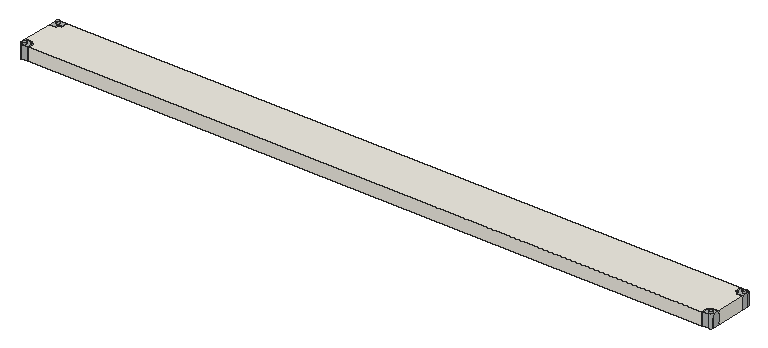
Revit family "HIGHTECH", category Осветительные приборы, Revit 2019 (continued)
Types (32, lengths in mm): name | Файл фотометрической сетки | built-in parameter 1150105 | Lumens | built-in parameter 1150106 | built-in parameter 1150142 | Wattage | Emit from Rectangle Width | Emit from Rectangle Length | Длина | Ширина | ADSK_Ток | ADSK_Полная мощность | ADSK_Обозначение | ADSK_Номинальная мощность | ADSK_Наименование | ADSK_Масса | ADSK_Код изделия
     2747.869 2736.695 2720.030 2698.760 2673.175 2643.671 2608.970 2570.448 2527.808 2480.757 2430.863 2376.755 2319.509 2259.520 2196.099 2130.424 \r\n2062.102 1991.820 1918.695 1844.296 1768.034 1690.302 1611.100 1530.428 1448.383 1365.946 1278.313 1192.838 1108.440 1022.474 936.998 851.915 766.341 682.042 598.330 516.579 \r\n436.789 360.037 286.520 217.610 151.053 91.260 36.955 3.725 3.627 3.529 3.431 3.431 3.332 3.234 3.137 3.039 2.941 2.941 2.842 2.744 2.647 2.549 2.450 2.352 2.352 2.254 2.157 2.059 1.960 1.862 1.862 \r\n1.764 1.667 1.569 1.470 1.372 1.372 1.274 1.177 1.078 0.980 0.882 0.784 0.784 0.687 0.588 0.490 0.392 0.294 0.294 0.196 0.098 0.000 \r\n2755.907 2753.456 2747.770 2736.400 2719.737 2698.368 2672.685 2643.083 2608.285 2569.761 2527.122 2480.070 2430.079 2375.873 2318.627 2258.638 2195.119 2129.443 \r\n2061.122 1990.840 1917.715 1843.316 1767.054 1689.322 1610.120 1529.546 1447.501 1365.063 1277.431 1192.053 1107.656 1021.788 936.410 851.326 765.851 681.552 597.938 516.285 \r\n436.494 359.841 286.422 217.513 151.053 91.161 36.955 3.725 3.627 3.529 3.431 3.431 3.332 3.234 3.137 3.039 2.941 2.941 2.842 2.744 2.647 2.549 2.450 2.352 2.352 2.254 2.157 2.059 1.960 1.862 1.862 \r\n1.764 1.667 1.569 1.470 1.372 1.372 1.274 1.177 1.078 0.980 0.882 0.784 0.784 0.687 0.588 0.490 0.392 0.294 0.294 0.196 0.098 0.000 \r\n2755.907 2753.554 2747.869 2736.695 2720.030 2698.760 2673.175 2643.671 2608.970 2570.448 2527.808 2480.757 2430.863 2376.755 2319.509 2259.520 2196.099 2130.424 \r\n2062.102 1991.820 1918.695 1844.296 1768.034 1690.302 1611.100 1530.428 1448.383 1365.946 1278.313 1192.838 1108.440 1022.474 936.998 851.915 766.341 682.042 598.330 516.579 \r\n436.789 360.037 286.520 217.610 151.053 91.260 36.955 3.725 3.627 3.529 3.431 3.431 3.332 3.234 3.137 3.039 2.941 2.941 2.842 2.744 2.647 2.549 2.450 2.352 2.352 2.254 2.157 2.059 1.960 1.862 1.862 \r\n1.764 1.667 1.569 1.470 1.372 1.372 1.274 1.177 1.078 0.980 0.882 0.784 0.784 0.687 0.588 0.490 0.392 0.294 0.294 0.196 0.098 0.000 \r\n2755.907 2753.652 2747.967 2736.890 2720.324 2699.151 2673.763 2644.161 2609.657 2571.133 2528.494 2481.542 2431.648 2377.539 2320.392 2260.402 2197.079 2131.307 \r\n2063.083 1992.800 1919.675 1845.276 1769.014 1691.282 1612.081 1531.408 1449.363 1366.828 1279.294 1193.720 1109.126 1023.259 937.685 852.503 766.831 682.434 598.722 516.874 \r\n437.083 360.233 286.717 217.708 151.151 91.260 37.053 3.725 3.627 3.529 3.529 3.431 3.332 3.234 3.137 3.039 2.941 2.941 2.842 2.744 2.647 2.549 2.450 2.450 2.352 2.254 2.157 2.059 1.960 1.862 1.862 \r\n1.764 1.667 1.569 1.470 1.372 1.372 1.274 1.177 1.078 0.980 0.882 0.784 0.784 0.687 0.588 0.490 0.392 0.294 0.294 0.196 0.098 0.000 \r\n2755.907 2753.750 2748.162 2737.185 2720.619 2699.641 2674.254 2644.748 2610.245 2571.820 2529.180 2482.227 2432.432 2378.421 2321.274 2261.284 2198.060 2132.287 \r\n2064.063 1993.682 1920.754 1846.355 1769.995 1692.262 1612.963 1532.290 1450.245 1367.710 1280.176 1194.504 1109.910 1023.944 938.370 852.993 767.419 682.924 599.114 517.265 \r\n437.279 360.429 286.912 217.806 151.249 91.357 37.150 3.725 3.627 3.529 3.529 3.431 3.332 3.234 3.137 3.039 2.941 2.941 2.842 2.744 2.647 2.549 2.450 2.450 2.352 2.254 2.157 2.059 1.960 1.862 1.862 \r\n1.764 1.667 1.569 1.470 1.372 1.372 1.274 1.177 1.078 0.980 0.882 0.784 0.784 0.687 0.588 0.490 0.392 0.294 0.294 0.196 0.098 0.000 \r\n2755.907 2753.946 2748.260 2737.478 2720.912 2700.033 2674.744 2645.337 2610.931 2572.507 2529.769 2483.012 2433.216 2379.303 2322.156 2262.167 2199.040 2133.267 \r\n2064.945 1994.662 1921.734 1847.335 1770.975 1693.244 1613.943 1533.270 1451.127 1368.494 1281.058 1195.288 1110.695 1024.631 938.959 853.581 767.909 683.414 599.507 517.559 \r\n437.573 360.625 287.010 217.904 151.347 91.455 37.150 3.725 3.627 3.529 3.529 3.431 3.332 3.234 3.137 3.039 2.941 2.941 2.842 2.744 2.647 2.549 2.450 2.450 2.352 2.254 2.157 2.059 1.960 1.862 1.862 \r\n1.764 1.667 1.569 1.470 1.372 1.372 1.274 1.177 1.078 0.980 0.882 0.784 0.784 0.687 0.588 0.490 0.392 0.294 0.294 0.196 0.098 0.000 \r\n2755.907 2754.044 2748.359 2737.675 2721.304 2700.425 2675.332 2645.925 2611.617 2573.192 2530.454 2483.697 2434.000 2380.185 2322.940 2263.049 2200.021 2134.149 \r\n2065.925 1995.642 1922.714 1848.315 1772.053 1694.224 1614.923 1534.152 1452.107 1369.377 1282.038 1196.170 1111.380 1025.316 939.645 854.170 768.399 683.806 599.899 517.854 \r\n437.868 360.822 287.207 218.003 151.445 91.455 37.248 3.725 3.627 3.529 3.529 3.431 3.332 3.234 3.137 3.039 3.039 2.941 2.842 2.744 2.647 2.549 2.450 2.450 2.352 2.254 2.157 2.059 1.960 1.862 1.862 \r\n1.764 1.667 1.569 1.470 1.372 1.372 1.274 1.177 1.078 0.980 0.882 0.784 0.784 0.687 0.588 0.490 0.392 0.294 0.294 0.196 0.098 0.000 \r\n2755.907 2754.142 2748.457 2737.968 2721.599 2700.818 2675.822 2646.415 2612.304 2573.879 2531.141 2484.482 2434.785 2380.970 2323.823 2263.931 2201.001 2135.129 \r\n2066.905 1996.624 1923.694 1849.295 1773.033 1695.204 1615.903 1535.132 1452.990 1370.259 1282.921 1196.954 1112.165 1026.101 940.234 854.757 768.890 684.296 600.291 518.147 \r\n438.161 361.017 287.402 218.100 151.445 91.553 37.248 3.725 3.627 3.529 3.529 3.431 3.332 3.234 3.137 3.039 3.039 2.941 2.842 2.744 2.647 2.549 2.450 2.450 2.352 2.254 2.157 2.059 1.960 1.960 1.862 \r\n1.764 1.667 1.569 1.470 1.372 1.372 1.274 1.177 1.078 0.980 0.882 0.784 0.784 0.687 0.588 0.490 0.392 0.294 0.294 0.196 0.098 0.000 \r\n2755.907 2754.240 2748.652 2738.262 2721.892 2701.210 2676.410 2647.004 2612.989 2574.564 2531.826 2485.168 2435.569 2381.852 2324.705 2264.813 2201.981 2136.109 \r\n2067.885 1997.604 1924.674 1850.276 1774.014 1696.184 1616.883 1536.015 1453.872 1371.141 1283.901 1197.739 1112.949 1026.788 940.919 855.345 769.380 684.688 600.682 518.539 \r\n438.358 361.214 287.500 218.296 151.543 91.553 37.347 3.725 3.627 3.627 3.529 3.431 3.332 3.234 3.137 3.039 3.039 2.941 2.842 2.744 2.647 2.549 2.450 2.450 2.352 2.254 2.157 2.059 1.960 1.960 1.862 \r\n1.764 1.667 1.569 1.470 1.372 1.372 1.274 1.177 1.078 0.980 0.882 0.784 0.784 0.687 0.588 0.490 0.392 0.294 0.294 0.196 0.098 0.000 \r\n2755.907 2754.338 2748.751 2738.557 2722.187 2701.700 2676.901 2647.592 2613.676 2575.251 2532.513 2485.854 2436.352 2382.734 2325.587 2265.696 2202.961 2136.991 \r\n2068.866 1998.584 1925.753 1851.354 1774.994 1697.164 1617.864 1536.995 1454.852 1372.023 1284.783 1198.621 1113.635 1027.473 941.606 855.934 769.968 685.178 601.074 518.834 \r\n438.651 361.409 287.697 218.395 151.641 91.651 37.445 3.725 3.627 3.627 3.529 3.431 3.332 3.234 3.137 3.039 3.039 2.941 2.842 2.744 2.647 2.549 2.450 2.450 2.352 2.254 2.157 2.059 1.960 1.960 1.862 \r\n1.764 1.667 1.569 1.470 1.372 1.372 1.274 1.177 1.078 0.980 0.882 0.784 0.784 0.687 0.588 0.490 0.392 0.294 0.294 0.196 0.098 0.000 \r\n2755.907 2754.436 2748.849 2738.752 2722.481 2702.092 2677.391 2648.179 2614.264 2576.035 2533.199 2486.638 2437.137 2383.616 2326.469 2266.578 2203.941 2137.971 \r\n2069.846 1999.466 1926.733 1852.334 1775.974 1698.145 1618.746 1537.877 1455.734 1372.905 1285.665 1199.405 1114.419 1028.160 942.194 856.424 770.458 685.668 601.467 519.128 \r\n438.945 361.606 287.892 218.493 151.739 91.651 37.445 3.725 3.627 3.627 3.529 3.431 3.332 3.234 3.137 3.039 3.039 2.941 2.842 2.744 2.647 2.549 2.549 2.450 2.352 2.254 2.157 2.059 1.960 1.960 1.862 \r\n1.764 1.667 1.569 1.470 1.372 1.372 1.274 1.177 1.078 0.980 0.882 0.882 0.784 0.687 0.588 0.490 0.392 0.294 0.294 0.196 0.098 0.000 \r\n2755.907 2754.632 2748.947 2739.047 2722.774 2702.484 2677.979 2648.669 2614.950 2576.721 2533.885 2487.325 2437.921 2384.401 2327.352 2267.460 2204.922 2138.952 \r\n2070.729 2000.446 1927.713 1853.314 1776.954 1699.125 1619.726 1538.857 1456.616 1373.787 1286.645 1200.189 1115.204 1028.943 942.880 857.012 770.948 686.061 601.859 519.422 \r\n439.240 361.899 287.991 218.590 151.837 91.750 37.543 3.725 3.627 3.627 3.529 3.431 3.332 3.234 3.137 3.039 3.039 2.941 2.842 2.744 2.647 2.549 2.549 2.450 2.352 2.254 2.157 2.059 1.960 1.960 1.862 \r\n1.764 1.667 1.569 1.470 1.372 1.372 1.274 1.177 1.078 0.980 0.882 0.882 0.784 0.687 0.588 0.490 0.392 0.294 0.294 0.196 0.098 0.000 \r\n2755.907 2754.730 2749.045 2739.340 2723.069 2702.877 2678.469 2649.258 2615.636 2577.407 2534.571 2488.108 2438.706 2385.283 2328.234 2268.342 2205.902 2139.835 \r\n2071.709 2001.426 1928.693 1854.295 1777.934 1700.105 1620.706 1539.739 1457.596 1374.571 1287.527 1201.071 1115.889 1029.630 943.468 857.600 771.438 686.551 602.251 519.814 \r\n439.435 362.096 288.187 218.688 151.837 91.750 37.640 3.725 3.627 3.627 3.529 3.431 3.332 3.234 3.137 3.137 3.039 2.941 2.842 2.744 2.647 2.549 2.549 2.450 2.352 2.254 2.157 2.059 1.960 1.960 1.862 \r\n1.764 1.667 1.569 1.470 1.372 1.372 1.274 1.177 1.078 0.980 0.882 0.882 0.784 0.687 0.588 0.490 0.392 0.294 0.294 0.196 0.098 0.000 \r\n2755.907 2754.828 2749.241 2739.537 2723.363 2703.269 2678.959 2649.846 2616.323 2578.093 2535.160 2488.795 2439.489 2386.165 2329.116 2269.224 2206.882 2140.815 \r\n2072.689 2002.407 1929.772 1855.373 1778.915 1701.183 1621.686 1540.720 1458.479 1375.453 1288.409 1201.856 1116.674 1030.316 944.154 858.188 772.027 687.041 602.643 520.108 \r\n439.730 362.292 288.382 218.786 151.936 91.847 37.640 3.725 3.725 3.627 3.529 3.431 3.332 3.234 3.137 3.137 3.039 2.941 2.842 2.744 2.647 2.549 2.549 2.450 2.352 2.254 2.157 2.059 1.960 1.960 1.862 \r\n1.764 1.667 1.569 1.470 1.372 1.372 1.274 1.177 1.078 0.980 0.882 0.882 0.784 0.687 0.588 0.490 0.392 0.294 0.294 0.196 0.098 0.000 \r\n2755.907 2754.926 2749.339 2739.831 2723.756 2703.759 2679.546 2650.434 2617.008 2578.780 2535.845 2489.579 2440.274 2386.950 2329.998 2270.107 2207.862 2141.795 \r\n2073.669 2003.387 1930.752 1856.353 1779.993 1702.164 1622.666 1541.602 1459.361 1376.336 1289.390 1202.640 1117.458 1031.002 944.742 858.776 772.517 687.433 603.036 520.403 \r\n440.023 362.488 288.481 218.885 152.033 91.945 37.739 3.725 3.725 3.627 3.529 3.431 3.332 3.234 3.137 3.137 3.039 2.941 2.842 2.744 2.647 2.549 2.549 2.450 2.352 2.254 2.157 2.059 1.960 1.960 1.862 \r\n1.764 1.667 1.569 1.470 1.470 1.372 1.274 1.177 1.078 0.980 0.882 0.882 0.784 0.687 0.588 0.490 0.392 0.294 0.294 0.196 0.098 0.000 \r\n2755.907 2755.025 2749.437 2740.125 2724.049 2704.151 2680.037 2650.924 2617.597 2579.466 2536.532 2490.265 2441.058 2387.832 2330.783 2270.989 2208.842 2142.677 \r\n2074.650 2004.367 1931.732 1857.333 1780.973 1703.144 1623.549 1542.582 1460.341 1377.218 1290.272 1203.522 1118.144 1031.786 945.428 859.364 773.007 687.923 603.428 520.696 \r\n440.318 362.684 288.677 218.983 152.131 91.945 37.739 3.725 3.725 3.627 3.529 3.431 3.332 3.234 3.137 3.137 3.039 2.941 2.842 2.744 2.647 2.549 2.549 2.450 2.352 2.254 2.157 2.059 1.960 1.960 1.862 \r\n1.764 1.667 1.569 1.470 1.470 1.372 1.274 1.177 1.078 0.980 0.882 0.882 0.784 0.687 0.588 0.490 0.392 0.294 0.294 0.196 0.098 0.000 \r\n2755.907 2755.122 2749.535 2740.321 2724.343 2704.542 2680.527 2651.513 2618.283 2580.152 2537.218 2491.049 2441.842 2388.714 2331.665 2271.871 2209.823 2143.657 \r\n2075.630 2005.249 1932.712 1858.314 1781.953 1704.124 1624.530 1543.465 1461.223 1378.100 1291.252 1204.307 1118.928 1032.472 946.115 859.953 773.497 688.315 603.820 521.088 \r\n440.513 362.879 288.873 219.081 152.229 92.043 37.837 3.725 3.725 3.627 3.529 3.431 3.332 3.234 3.137 3.137 3.039 2.941 2.842 2.744 2.647 2.549 2.549 2.450 2.352 2.254 2.157 2.059 2.059 1.960 1.862 \r\n1.764 1.667 1.569 1.470 1.470 1.372 1.274 1.177 1.078 0.980 0.882 0.882 0.784 0.687 0.588 0.490 0.392 0.294 0.294 0.196 0.098 0.000 \r\n2755.907 2755.318 2749.633 2740.615 2724.638 2704.934 2681.115 2652.101 2618.969 2580.838 2537.904 2491.735 2442.626 2389.596 2332.547 2272.753 2210.803 2144.637 \r\n2076.512 2006.229 1933.693 1859.294 1782.934 1705.104 1625.510 1544.445 1462.105 1378.982 1292.134 1205.090 1119.713 1033.159 946.703 860.443 774.085 688.805 604.211 521.383 \r\n440.808 363.076 288.971 219.178 152.229 92.043 37.935 3.725 3.725 3.627 3.529 3.431 3.332 3.234 3.137 3.137 3.039 2.941 2.842 2.744 2.647 2.647 2.549 2.450 2.352 2.254 2.157 2.059 2.059 1.960 1.862 \r\n1.764 1.667 1.569 1.470 1.470 1.372 1.274 1.177 1.078 0.980 0.882 0.882 0.784 0.687 0.588 0.490 0.392 0.294 0.294 0.196 0.098 0.000 \r\n2755.907 2755.417 2749.829 2740.909 2724.931 2705.327 2681.605 2652.591 2619.655 2581.524 2538.590 2492.422 2443.410 2390.380 2333.429 2273.636 2211.783 2145.519 \r\n2077.492 2007.209 1934.771 1860.371 1783.914 1706.084 1626.490 1545.327 1463.086 1379.865 1293.016 1205.874 1120.398 1033.844 947.389 861.031 774.575 689.295 604.603 521.676 \r\n441.102 363.272 289.167 219.277 152.327 92.142 37.935 3.823 3.725 3.627 3.529 3.431 3.332 3.234 3.234 3.137 3.039 2.941 2.842 2.744 2.647 2.647 2.549 2.450 2.352 2.254 2.157 2.059 2.059 1.960 1.862 \r\n1.764 1.667 1.569 1.470 1.470 1.372 1.274 1.177 1.078 0.980 0.882 0.882 0.784 0.687 0.588 0.490 0.392 0.294 0.294 0.196 0.098 0.000 \r\n2755.907 2755.515 2749.927 2741.203 2725.226 2705.817 2682.095 2653.178 2620.341 2582.210 2539.276 2493.206 2444.195 2391.262 2334.312 2274.616 2212.763 2146.500 \r\n2078.472 2008.190 1935.751 1861.352 1784.894 1707.065 1627.470 1546.307 1463.968 1380.649 1293.997 1206.757 1121.183 1034.629 947.977 861.619 775.065 689.687 604.996 521.971 \r\n441.396 363.468 289.363 219.375 152.426 92.142 38.033 3.823 3.725 3.627 3.529 3.431 3.332 3.234 3.234 3.137 3.039 2.941 2.842 2.744 2.647 2.647 2.549 2.450 2.352 2.254 2.157 2.059 2.059 1.960 1.862 \r\n1.764 1.667 1.569 1.470 1.470 1.372 1.274 1.177 1.078 0.980 0.882 0.882 0.784 0.687 0.588 0.490 0.392 0.294 0.294 0.196 0.098 0.000 \r\n2755.907 2755.612 2750.025 2741.399 2725.520 2706.209 2682.683 2653.767 2620.929 2582.897 2539.963 2493.892 2444.979 2392.144 2335.194 2275.498 2213.743 2147.480 \r\n2079.452 2009.170 1936.731 1862.333 1785.874 1708.045 1628.352 1547.189 1464.851 1381.531 1294.879 1207.541 1121.869 1035.315 948.664 862.207 775.555 690.177 605.388 522.363 \r\n441.592 363.762 289.461 219.473 152.523 92.240 38.130 3.823 3.725 3.627 3.529 3.431 3.332 3.234 3.234 3.137 3.039 2.941 2.842 2.744 2.647 2.647 2.549 2.450 2.352 2.254 2.157 2.059 2.059 1.960 1.862 \r\n1.764 1.667 1.569 1.470 1.470 1.372 1.274 1.177 1.078 0.980 0.882 0.882 0.784 0.687 0.588 0.490 0.392 0.294 0.294 0.196 0.098 0.000 \r\n2755.907 2755.710 2750.124 2741.693 2725.813 2706.601 2683.174 2654.355 2621.616 2583.582 2540.551 2494.676 2445.762 2392.929 2336.076 2276.380 2214.724 2148.362 \r\n2080.432 2010.053 1937.712 1863.313 1786.854 1709.025 1629.332 1548.169 1465.831 1382.413 1295.762 1208.325 1122.654 1036.001 949.349 862.795 776.143 690.667 605.780 522.657 \r\n441.887 363.958 289.657 219.571 152.621 92.240 38.130 3.823 3.725 3.627 3.529 3.431 3.332 3.234 3.234 3.137 3.039 2.941 2.842 2.744 2.647 2.647 2.549 2.450 2.352 2.254 2.157 2.059 2.059 1.960 1.862 \r\n1.764 1.667 1.569 1.470 1.470 1.372 1.274 1.177 1.078 0.980 0.882 0.882 0.784 0.687 0.588 0.490 0.392 0.294 0.294 0.196 0.098 0.000 \r\n2755.907 2755.808 2750.319 2741.987 2726.108 2706.993 2683.762 2654.845 2622.302 2584.269 2541.237 2495.363 2446.547 2393.811 2336.958 2277.262 2215.704 2149.342 \r\n2081.413 2011.033 1938.692 1864.293 1787.835 1710.005 1630.312 1549.051 1466.713 1383.296 1296.742 1209.208 1123.437 1036.688 949.937 863.383 776.633 691.060 606.172 522.951 \r\n442.180 364.154 289.853 219.767 152.621 92.337 38.229 3.823 3.725 3.627 3.529 3.431 3.332 3.234 3.234 3.137 3.039 2.941 2.842 2.744 2.647 2.647 2.549 2.450 2.352 2.254 2.157 2.059 2.059 1.960 1.862 \r\n1.764 1.667 1.569 1.470 1.470 1.372 1.274 1.177 1.078 0.980 0.882 0.882 0.784 0.687 0.588 0.490 0.392 0.294 0.294 0.196 0.098 0.000 \r\n2755.907 2756.005 2750.417 2742.183 2726.500 2707.385 2684.252 2655.433 2622.988 2584.955 2541.923 2496.146 2447.331 2394.693 2337.839 2278.144 2216.684 2150.322 \r\n2082.295 2012.013 1939.770 1865.370 1788.913 1710.985 1631.293 1550.032 1467.693 1384.178 1297.624 1209.991 1124.124 1037.472 950.624 863.972 777.123 691.550 606.564 523.245 \r\n442.474 364.350 289.951 219.865 152.719 92.435 38.229 3.823 3.725 3.627 3.529 3.431 3.332 3.332 3.234 3.137 3.039 2.941 2.842 2.744 2.744 2.647 2.549 2.450 2.352 2.254 2.157 2
